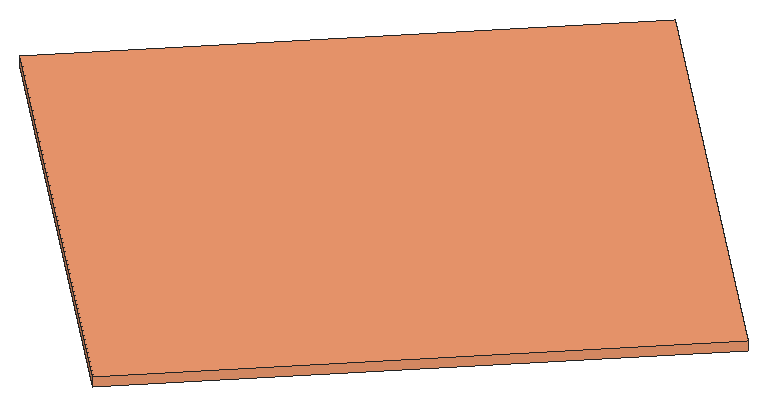
Revit family "Open End Mark", category Generic Models, Revit 2022
Family settings
  Can host rebar = No
  Round Connector Dimension = Use Diameter
  Part Type = Normal
  Work Plane-Based = No
  Always vertical = Yes
  Cut with Voids When Loaded = No
  Maintain Annotation Orientation = No
  Shared = No
  Room Calculation Point = No
Parameters
  Outside Lenght Mark [instance] = 400 mm
  Lenght X Mark [instance] = Outside Lenght Mark * sqrt(2)  # 565.685 mm
  Inside Lenght Mark [instance] = Outside Lenght Mark / sqrt(2)  # 282.843 mm
  Height Mark [instance] = 5 mm
  Default Elevation = 0 mm
Reference planes
  plane 1 "Center (Front/Back)": y = 0
  plane 2: z = 0
  plane 3 "Center (Left/Right)": x = 0
Forms (mm)
  Extrusion 1, solid, material "Mark Material"
    sketch origin (0, 0, 0) x (1, 0, 0) y (0, 1, 0)
      loop
        line (-200, 0) -> (0, -200) -> (200, 0) -> (0, 200) -> (-200, 0)
    from 0 to 5
Lines and regions (mm)
  reference lines
    curve 1: line (0, 643.551, 5) -> (0, -656.449, 5)
    curve 2: line (-304.416, 200, 0) -> (390.584, 200, 0)
    curve 3: line (-283.478, -200, 0) -> (411.522, -200, 0)
    curve 4: line (-200, 302.71, 0) -> (-200, -337.29, 0)
    curve 5: line (200, 302.71, 0) -> (200, -337.29, 0)
    curve 6: line (0, 400, 0) -> (400, 0, 0)
    curve 7: line (400, 0, 0) -> (0, -400, 0)
    curve 8: line (0, -400, 0) -> (-400, 0, 0)
    curve 9: line (-400, 0, 0) -> (0, 400, 0)
  model lines, style "Mark Line"
    curve 10: line (-200, 200, 0) -> (200, -200, 0)
    curve 11: line (-200, -200, 0) -> (200, 200, 0)
Dimensions and locks
  "Height Mark": level to curve 1
  equal spacing: curve 4, curve 1, curve 5
  equal spacing: curve 3, plane 1 "Center (Front/Back)", curve 2
  "Outside Lenght Mark": curve 4 to curve 5
  "Outside Lenght Mark": curve 3 to curve 2
  "Inside Lenght Mark": Extrusion 1 sketch curve to Extrusion 1 sketch curve  (x4)
  "Lenght X Mark": curve 7 to curve 9
  "Lenght X Mark": curve 6 to curve 8
  aligned and locked: level to plane 2
  aligned and locked: Extrusion 1 to curve 1
Automatic sketch dimensions
  plane 1 "Center (Front/Back)" to curve 1 = 656.449 mm
  curve 1 to plane 1 "Center (Front/Back)" = 643.551 mm
  plane 1 "Center (Front/Back)" to Extrusion 1 sketch curve = 0 mm
  Extrusion 1 sketch curve to plane 3 "Center (Left/Right)" = 0 mm  (x2)
  curve 11 to plane 3 "Center (Left/Right)" = 200 mm
  plane 1 "Center (Front/Back)" to curve 10 = 200 mm
  curve 10 to plane 3 "Center (Left/Right)" = 200 mm
  plane 3 "Center (Left/Right)" to curve 11 = 200 mm
  plane 3 "Center (Left/Right)" to curve 10 = 200 mm
  plane 1 "Center (Front/Back)" to curve 11 = 200 mm
  curve 11 to plane 1 "Center (Front/Back)" = 200 mm
  curve 10 to plane 1 "Center (Front/Back)" = 200 mm
  plane 1 "Center (Front/Back)" to curve 9 = 0 mm
  curve 8 to plane 3 "Center (Left/Right)" = 0 mm
  curve 6 to plane 3 "Center (Left/Right)" = 0 mm
  curve 2 to curve 4 = 104.416 mm
  curve 3 to curve 4 = 83.478 mm
  curve 2 to curve 6 = 9.416 mm
  curve 6 to curve 3 = 11.522 mm
  curve 4 to curve 3 = 137.29 mm
  curve 7 to curve 5 = 62.71 mm
  curve 2 to curve 4 = 102.71 mm
  curve 2 to curve 5 = 102.71 mm
